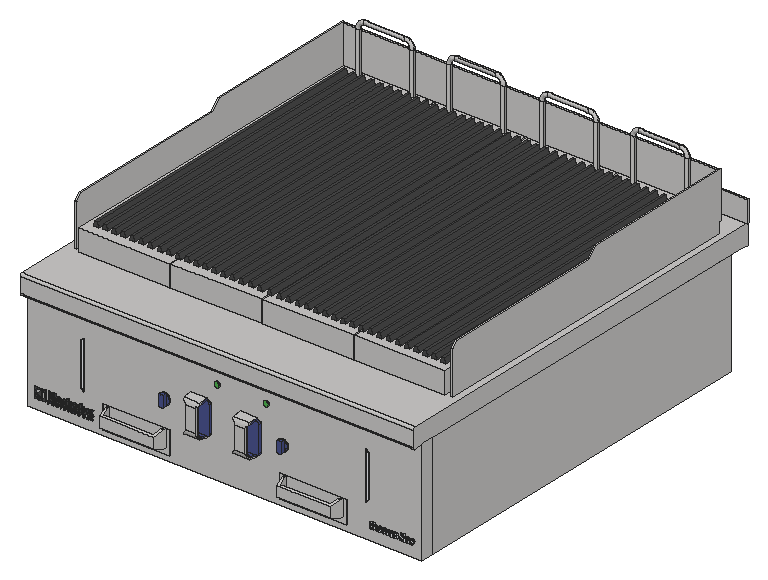
Revit family "QF_ELECTROLUXPROFESSIONAL_588619_MBDBBBHOPO", category Attrezzature speciali, Revit 2020 (continued)
Definition of nested family "Front_Panel_W800_2 Knobs_2Spie_Manop_Simm"
  Definition of nested family "ELX_Professional_Logo_Small"
    Forms (mm)
      Extrusion 2, solid, material <- "Material_Logo"
        sketch origin (15.5, 0, 0) x (1, 0, 0) y (0, 1, 0)
          loop
            spline (-14.951, -3.871) -> (-14.564, -3.86) -> (-14.184, -3.826) -> (-13.809, -3.77) -> (-13.44, -3.689) -> (-13.078, -3.583) -> (-12.723, -3.451) -> (-12.375, -3.292) -> (-12.035, -3.105) -> (-11.703, -2.89) -> (-11.38, -2.646) -> (-11.065, -2.371) -> (-10.76, -2.066)
            line (-10.76, -2.066) -> (-12.295, -0.468)
            spline (-12.295, -0.468) -> (-12.474, -0.643) -> (-12.659, -0.805) -> (-12.85, -0.953) -> (-13.048, -1.087) -> (-13.254, -1.206) -> (-13.467, -1.311) -> (-13.69, -1.4) -> (-13.921, -1.475) -> (-14.162, -1.533) -> (-14.414, -1.575) -> (-14.677, -1.6) -> (-14.951, -1.609)
            spline (-14.951, -1.609) -> (-15.398, -1.581) -> (-15.823, -1.497) -> (-16.223, -1.362) -> (-16.596, -1.179) -> (-16.937, -0.95) -> (-17.243, -0.678) -> (-17.512, -0.367) -> (-17.739, -0.02) -> (-17.921, 0.36) -> (-18.055, 0.771) -> (-18.138, 1.208) -> (-18.167, 1.669)
          loop
            spline (-4.441, -1.243) -> (-4.659, -1.247) -> (-4.894, -1.23) -> (-5.137, -1.19) -> (-5.384, -1.121) -> (-5.628, -1.021) -> (-5.864, -0.884) -> (-6.084, -0.708) -> (-6.283, -0.488) -> (-6.454, -0.219) -> (-6.592, 0.101) -> (-6.69, 0.478) -> (-6.742, 0.914)
            line (-6.742, 0.914) -> (-6.742, 4.587) -> (-4.487, 4.587) -> (-4.487, 6.838) -> (-6.738, 6.838) -> (-6.738, 10.824) -> (-9.217, 10.824) -> (-9.217, 0.773)
            spline (-9.217, 0.773) -> (-9.164, 0.19) -> (-9.068, -0.358) -> (-8.928, -0.87) -> (-8.742, -1.343) -> (-8.511, -1.777) -> (-8.232, -2.168) -> (-7.904, -2.515) -> (-7.527, -2.816) -> (-7.098, -3.069) -> (-6.618, -3.273) -> (-6.084, -3.426) -> (-5.496, -3.525)
            line (-5.496, -3.525) -> (-4.45, -3.573) -> (-4.441, -1.243)
          loop
            spline (3.898, 6.983) -> (3.469, 7.009) -> (3.056, 7.001) -> (2.661, 6.961) -> (2.283, 6.888) -> (1.925, 6.785) -> (1.588, 6.652) -> (1.272, 6.49) -> (0.979, 6.301) -> (0.71, 6.085) -> (0.465, 5.844) -> (0.247, 5.578) -> (0.056, 5.289)
            line (0.056, 5.289) -> (0.056, 6.838) -> (-2.402, 6.838) -> (-2.402, -3.572) -> (0.056, -3.572) -> (0.056, 1.901)
            spline (0.056, 1.901) -> (0.079, 2.316) -> (0.145, 2.703) -> (0.254, 3.06) -> (0.404, 3.386) -> (0.592, 3.679) -> (0.818, 3.938) -> (1.08, 4.162) -> (1.375, 4.348) -> (1.703, 4.495) -> (2.062, 4.602) -> (2.45, 4.668) -> (2.865, 4.69)
            line (2.865, 4.69) -> (3.898, 4.586) -> (3.898, 6.983)
          loop
            spline (15.638, 1.633) -> (15.586, 2.396) -> (15.435, 3.124) -> (15.192, 3.81) -> (14.863, 4.449) -> (14.455, 5.034) -> (13.975, 5.56) -> (13.43, 6.021) -> (12.826, 6.411) -> (12.17, 6.724) -> (11.469, 6.955) -> (10.729, 7.098) -> (9.958, 7.147)
            spline (9.958, 7.147) -> (9.182, 7.098) -> (8.44, 6.955) -> (7.737, 6.724) -> (7.081, 6.411) -> (6.477, 6.021) -> (5.933, 5.56) -> (5.454, 5.034) -> (5.048, 4.449) -> (4.721, 3.81) -> (4.479, 3.124) -> (4.329, 2.396) -> (4.277, 1.633)
            spline (4.277, 1.633) -> (4.329, 0.869) -> (4.479, 0.141) -> (4.721, -0.544) -> (5.048, -1.183) -> (5.454, -1.768) -> (5.933, -2.294) -> (6.477, -2.755) -> (7.081, -3.145) -> (7.737, -3.459) -> (8.44, -3.69) -> (9.182, -3.833) -> (9.958, -3.882)
            spline (9.958, -3.882) -> (10.729, -3.833) -> (11.469, -3.69) -> (12.17, -3.459) -> (12.826, -3.145) -> (13.43, -2.755) -> (13.975, -2.294) -> (14.455, -1.768) -> (14.863, -1.183) -> (15.192, -0.544) -> (15.435, 0.141) -> (15.586, 0.869) -> (15.638, 1.633)
          loop
            spline (13.18, 1.633) -> (13.151, 2.083) -> (13.067, 2.513) -> (12.932, 2.918) -> (12.748, 3.296) -> (12.52, 3.642) -> (12.251, 3.954) -> (11.943, 4.227) -> (11.601, 4.459) -> (11.228, 4.645) -> (10.828, 4.782) -> (10.403, 4.867) -> (9.958, 4.896)
            spline (9.958, 4.896) -> (9.509, 4.867) -> (9.081, 4.782) -> (8.679, 4.645) -> (8.306, 4.459) -> (7.964, 4.227) -> (7.658, 3.954) -> (7.39, 3.642) -> (7.163, 3.296) -> (6.981, 2.918) -> (6.847, 2.513) -> (6.765, 2.083) -> (6.736, 1.633)
            spline (6.736, 1.633) -> (6.765, 1.182) -> (6.847, 0.753) -> (6.981, 0.347) -> (7.163, -0.031) -> (7.39, -0.377) -> (7.658, -0.689) -> (7.964, -0.962) -> (8.306, -1.193) -> (8.679, -1.38) -> (9.081, -1.517) -> (9.509, -1.602) -> (9.958, -1.631)
            spline (9.958, -1.631) -> (10.403, -1.602) -> (10.828, -1.517) -> (11.228, -1.38) -> (11.601, -1.193) -> (11.943, -0.962) -> (12.251, -0.689) -> (12.52, -0.377) -> (12.748, -0.031) -> (12.932, 0.347) -> (13.067, 0.753) -> (13.151, 1.182) -> (13.18, 1.633)
          loop
            line (17.162, 4.269) -> (17.162, -3.573) -> (19.642, -3.573) -> (19.642, 10.824) -> (17.162, 10.824) -> (17.162, 4.269)
          loop
            line (28.581, 6.838) -> (28.581, 0.786)
            spline (28.581, 0.786) -> (28.561, 0.393) -> (28.503, 0.038) -> (28.409, -0.279) -> (28.281, -0.559) -> (28.122, -0.802) -> (27.933, -1.011) -> (27.717, -1.185) -> (27.476, -1.325) -> (27.213, -1.433) -> (26.929, -1.509) -> (26.626, -1.554) -> (26.308, -1.569)
            spline (26.308, -1.569) -> (25.99, -1.554) -> (25.688, -1.509) -> (25.404, -1.434) -> (25.141, -1.326) -> (24.9, -1.187) -> (24.684, -1.014) -> (24.496, -0.807) -> (24.336, -0.565) -> (24.209, -0.288) -> (24.115, 0.026) -> (24.057, 0.376) -> (24.037, 0.765)
            line (24.037, 0.765) -> (24.037, 6.838) -> (21.537, 6.838) -> (21.537, 0.558)
            spline (21.537, 0.558) -> (21.581, -0.153) -> (21.71, -0.8) -> (21.916, -1.384) -> (22.195, -1.904) -> (22.54, -2.362) -> (22.944, -2.757) -> (23.403, -3.09) -> (23.909, -3.362) -> (24.456, -3.572) -> (25.04, -3.722) -> (25.652, -3.811) -> (26.288, -3.841)
            spline (26.288, -3.841) -> (26.929, -3.811) -> (27.547, -3.72) -> (28.135, -3.568) -> (28.687, -3.355) -> (29.197, -3.079) -> (29.66, -2.741) -> (30.068, -2.341) -> (30.415, -1.877) -> (30.696, -1.349) -> (30.905, -0.757) -> (31.034, -0.101) -> (31.079, 0.621)
            line (31.079, 0.621) -> (31.079, 6.838) -> (28.581, 6.838)
          loop
            line (40.457, -0.243) -> (38.894, 1.942) -> (40.83, 4.579) -> (42.488, 6.837) -> (39.782, 6.837) -> (37.53, 3.719) -> (35.258, 6.837) -> (32.573, 6.837) -> (34.113, 4.731) -> (36.167, 1.922) -> (34.014, -1.076) -> (32.222, -3.573) -> (34.887, -3.573) -> (37.53, 0.104) -> (40.174, -3.573) -> (42.839, -3.573) -> (40.457, -0.243)
          loop
            line (-46.121, -5.837) -> (-48.039, -5.837) -> (-48.039, -10.814) -> (-47.016, -10.814) -> (-47.016, -9.128) -> (-46.121, -9.128)
            arc (-46.121, -9.128) -> (-44.476, -7.482) -> (-46.121, -5.837) r 1.645
          loop
            line (-46.163, -6.778) -> (-47.016, -6.778) -> (-47.016, -8.187) -> (-46.163, -8.187)
            arc (-46.163, -8.187) -> (-45.458, -7.482) -> (-46.163, -6.778) r 0.704
          loop
            line (-38.313, -5.837) -> (-40.265, -5.837) -> (-40.265, -10.814) -> (-39.241, -10.814) -> (-39.241, -9.1) -> (-38.46, -9.182) -> (-37.48, -10.814) -> (-36.318, -10.814) -> (-37.513, -8.848)
            arc (-37.513, -8.848) -> (-36.888, -8.266) -> (-36.671, -7.441) r 1.536
            arc (-36.671, -7.441) -> (-37.165, -6.305) -> (-38.313, -5.837) r 1.643
          loop
            arc (-38.402, -8.166) -> (-37.707, -7.505) -> (-38.334, -6.778) r 0.696
            line (-38.334, -6.778) -> (-39.241, -6.778) -> (-39.241, -8.166) -> (-38.402, -8.166)
          loop
            circle (-29.965, -8.325) r 2.585
          loop
            circle (-29.965, -8.325) r 1.64
          loop
            line (-23.1, -5.837) -> (-23.1, -10.814) -> (-22.076, -10.814) -> (-22.076, -8.768) -> (-20.204, -8.768) -> (-20.204, -7.828) -> (-22.076, -7.828) -> (-22.076, -6.778) -> (-20.024, -6.778) -> (-20.024, -5.837) -> (-23.1, -5.837)
          loop
            line (-15.802, -5.837) -> (-15.802, -9.2)
            arc (-15.802, -9.2) -> (-15.343, -10.34) -> (-14.209, -10.814) r 1.593
            line (-14.209, -10.814) -> (-12.602, -10.814) -> (-12.602, -10.027) -> (-14.004, -10.027)
            arc (-14.004, -10.027) -> (-14.552, -9.8) -> (-14.779, -9.252) r 0.775
            line (-14.779, -9.252) -> (-14.779, -8.424) -> (-12.789, -8.424) -> (-12.789, -7.642) -> (-14.779, -7.642) -> (-14.779, -6.778) -> (-12.651, -6.778) -> (-12.651, -5.837) -> (-15.802, -5.837)
          loop
            line (-5.909, -7.143) -> (-5.173, -6.638)
            arc (-5.173, -6.638) -> (-5.855, -5.974) -> (-6.781, -5.755) r 1.782
            arc (-6.781, -5.755) -> (-7.397, -5.878) -> (-7.944, -6.189) r 1.974
            arc (-7.944, -6.189) -> (-8.202, -6.5) -> (-8.317, -6.888) r 1.013
            arc (-8.317, -6.888) -> (-8.306, -7.341) -> (-8.192, -7.78) r 1.985
            arc (-8.192, -7.78) -> (-7.749, -8.259) -> (-7.171, -8.563) r 1.928
            arc (-7.171, -8.563) -> (-6.637, -8.779) -> (-6.131, -9.056) r 5.041
            arc (-6.131, -9.056) -> (-5.934, -9.387) -> (-6.09, -9.74) r 0.42
            arc (-6.09, -9.74) -> (-6.631, -9.96) -> (-7.204, -9.845) r 1.016
            arc (-7.204, -9.845) -> (-7.625, -9.603) -> (-7.889, -9.196) r 1.033
            line (-7.889, -9.196) -> (-8.67, -9.686)
            arc (-8.67, -9.686) -> (-8.361, -10.198) -> (-7.908, -10.589) r 1.914
            arc (-7.908, -10.589) -> (-7.334, -10.834) -> (-6.714, -10.896) r 2.063
            arc (-6.714, -10.896) -> (-5.947, -10.743) -> (-5.256, -10.376) r 2.696
            arc (-5.256, -10.376) -> (-4.95, -9.565) -> (-5.108, -8.712) r 1.618
            arc (-5.108, -8.712) -> (-5.448, -8.319) -> (-5.884, -8.035) r 1.876
            arc (-5.884, -8.035) -> (-6.434, -7.789) -> (-6.999, -7.577) r 9.883
            arc (-6.999, -7.577) -> (-7.325, -7.07) -> (-6.854, -6.694) r 0.45
            arc (-6.854, -6.694) -> (-6.329, -6.809) -> (-5.909, -7.143) r 1.197
          loop
            line (1.61, -7.143) -> (2.345, -6.638)
            arc (2.345, -6.638) -> (1.663, -5.974) -> (0.737, -5.755) r 1.782
            arc (0.737, -5.755) -> (0.121, -5.878) -> (-0.425, -6.189) r 1.974
            arc (-0.425, -6.189) -> (-0.683, -6.5) -> (-0.799, -6.888) r 1.013
            arc (-0.799, -6.888) -> (-0.788, -7.341) -> (-0.674, -7.78) r 1.985
            arc (-0.674, -7.78) -> (-0.231, -8.259) -> (0.347, -8.563) r 1.928
            arc (0.347, -8.563) -> (0.881, -8.779) -> (1.387, -9.056) r 5.041
            arc (1.387, -9.056) -> (1.584, -9.387) -> (1.428, -9.74) r 0.42
            arc (1.428, -9.74) -> (0.887, -9.96) -> (0.314, -9.845) r 1.016
            arc (0.314, -9.845) -> (-0.107, -9.603) -> (-0.371, -9.196) r 1.033
            line (-0.371, -9.196) -> (-1.152, -9.686)
            arc (-1.152, -9.686) -> (-0.842, -10.198) -> (-0.39, -10.589) r 1.914
            arc (-0.39, -10.589) -> (0.184, -10.834) -> (0.804, -10.896) r 2.063
            arc (0.804, -10.896) -> (1.572, -10.743) -> (2.263, -10.376) r 2.696
            arc (2.263, -10.376) -> (2.568, -9.565) -> (2.411, -8.712) r 1.618
            arc (2.411, -8.712) -> (2.07, -8.319) -> (1.635, -8.035) r 1.876
            arc (1.635, -8.035) -> (1.084, -7.789) -> (0.519, -7.577) r 9.883
            arc (0.519, -7.577) -> (0.193, -7.07) -> (0.665, -6.694) r 0.45
            arc (0.665, -6.694) -> (1.189, -6.809) -> (1.61, -7.143) r 1.197
          loop
            line (6.801, -5.837) -> (6.801, -10.814) -> (7.825, -10.814) -> (7.825, -5.837) -> (6.801, -5.837)
          loop
            circle (14.724, -8.325) r 1.548
          loop
            circle (14.724, -8.325) r 2.585
          loop
            line (21.59, -10.814) -> (22.623, -10.814) -> (22.623, -7.685) -> (24.9, -10.814) -> (25.895, -10.814) -> (25.895, -5.837) -> (24.861, -5.837) -> (24.861, -9.061) -> (22.585, -5.837) -> (21.59, -5.837) -> (21.59, -10.814)
          loop
            line (31.054, -10.814) -> (31.539, -9.74) -> (33.38, -9.74) -> (33.865, -10.814) -> (34.965, -10.814) -> (32.46, -5.837) -> (29.956, -10.814) -> (31.054, -10.814)
          loop
            line (32.46, -7.698) -> (31.999, -8.719) -> (32.921, -8.719) -> (32.46, -7.698)
          loop
            line (40.047, -9.873) -> (40.047, -5.837) -> (39.024, -5.837) -> (39.024, -10.814) -> (41.961, -10.814) -> (41.961, -9.873) -> (40.047, -9.873)
          loop
            line (-74.986, -10.814) -> (-53.322, -10.814) -> (-53.322, 10.82) -> (-74.986, 10.82) -> (-74.986, -10.814)
          loop
            line (-61.261, 9.758) -> (-61.261, -9.707)
            arc (-61.261, -9.707) -> (-54.066, 0.025) -> (-61.261, 9.758) r 10.18
          loop
            line (-62.251, 8.349) -> (-62.251, 9.758)
            arc (-62.251, 9.758) -> (-70.347, 7.918) -> (-74.247, 0.59) r 9.976
            line (-74.247, 0.59) -> (-71.026, 0.59)
            arc (-71.026, 0.59) -> (-65.274, 2.925) -> (-62.251, 8.349) r 9.351
          loop
            arc (-74.247, -0.539) -> (-70.353, -7.928) -> (-62.251, -9.957) r 10.237
            line (-62.251, -9.957) -> (-62.251, -8.298)
            arc (-62.251, -8.298) -> (-65.274, -2.874) -> (-71.026, -0.539) r 9.351
            line (-71.026, -0.539) -> (-74.247, -0.539)
        from 0 to 1.644
    Dimensions and locks
      aligned and locked: plane 2 to Extrusion 1
      aligned and locked: level to Extrusion 1
Definition of nested family "Rib_TRAP10x10"
  Parameters
    Show Clearance [instance] = yes
    Model = ""
    Lenght [instance] = 632 mm
    Default Elevation = 0 mm
  Reference planes
    plane 1 "Center (Front/Back)": y = -11.07
    plane 2: z = 0
    plane 3 "Center (Left/Right)": x = 0
    plane 4 "Back": y = 304.93
    plane 5 "Front": y = -327.07
  Forms (mm)
    Extrusion 1, solid
      sketch origin (0, -919.2, 0) x (1, 0, 0) y (0, 1, 0)
        loop
          line (-198.75, 1399.2) -> (-198.75, 386.445) -> (165.741, 386.445) -> (165.741, 1399.2) -> (-198.75, 1399.2)
      from 0 to -59.546
    Extrusion 2, solid
      sketch origin (0, -11.07, -267.484) x (1, 0, 0) y (0, 0, 1)
        loop
          line (-2.5, 277.484) -> (-5, 267.484) -> (5, 267.484) -> (2.5, 277.484) -> (-2.5, 277.484)
      from -316 to 316
  Lines and regions (mm)
    symbolic lines
      curve 1: line (-5, 304.93, 0) -> (-5, -327.07, 0)
      curve 2: line (-2.5, 304.93, 0) -> (-2.5, -327.07, 0)
      curve 3: line (2.5, -327.07, 0) -> (2.5, 304.93, 0)
      curve 4: line (5, 304.93, 0) -> (5, -327.07, 0)
      curve 5: line (5, 304.93, 0) -> (-5, 304.93, 0)
      curve 6: line (-5, -327.07, 0) -> (5, -327.07, 0)
  Dimensions and locks
    "Lenght": plane 4 "Back" to plane 5 "Front"
    equal spacing: plane 4 "Back", plane 1 "Center (Front/Back)", plane 5 "Front"
    aligned and locked: plane 2 to Extrusion 1
    aligned and locked: level to Extrusion 1
    aligned and locked: plane 4 "Back" to Extrusion 2
    aligned and locked: Extrusion 2 to plane 5 "Front"
  Automatic sketch dimensions
    Extrusion 1 sketch curve to Extrusion 1 sketch curve = 364.491 mm
    Extrusion 1 sketch curve to Extrusion 1 sketch curve = 1012.755 mm
    Extrusion 2 sketch curve to plane 3 "Center (Left/Right)" = 5 mm
    Extrusion 2 sketch curve to plane 3 "Center (Left/Right)" = 2.5 mm
    plane 3 "Center (Left/Right)" to Extrusion 2 sketch curve = 2.5 mm
    plane 3 "Center (Left/Right)" to Extrusion 2 sketch curve = 5 mm
    Extrusion 2 sketch curve to level = 0 mm
    level to Extrusion 2 sketch curve = 10 mm
    curve 1 to plane 4 "Back" = 0 mm
    curve 4 to plane 5 "Front" = 0 mm
    curve 1 to plane 3 "Center (Left/Right)" = 5 mm
    plane 3 "Center (Left/Right)" to curve 5 = 5 mm
    curve 2 to plane 3 "Center (Left/Right)" = 2.5 mm
    plane 3 "Center (Left/Right)" to curve 3 = 2.5 mm
